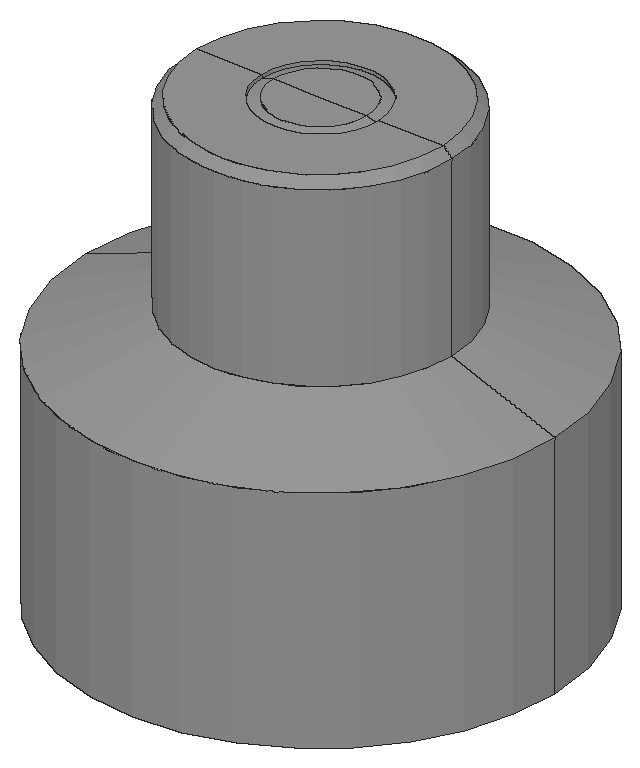
Revit family "4069216 Sylvania Lighting Fixture PATHE GROUND ROUND1 WIDE 69LM LED 4K", category Lighting Fixtures, host Face, Revit 2016
Family settings
  Host = Face
  Part Type = Normal
  Round Connector Dimension = Use Diameter
  OmniClass Number = 23.80.70.00
  OmniClass Title = Lighting
  Cut with Voids When Loaded = No
  Light Source = Yes
  Shared = No
  Room Calculation Point = No
Parameters (values of type "4069216 PATHE/G/R1 WIDE 69LM LED 4K")
  Weight = "0.23 kg"
  Wattage Comments = ""
  Wattage = 1.5 W
  WarrantyStartDate [instance] = "n/a"
  WarrantyGuarantorParts = "n/a"
  WarrantyDurationUnit = "n/a"
  WarrantyDurationParts = "n/a"
  WarrantyDescription = "n/a"
  built-in parameter 1150110 = 1 (stored number, unit not read)
  Voltage = 0 V
  URL = "http://www.sylvania-lighting.com"
  TypeName = "PATHE/GROUND/ROUND1 WIDE 69LM LED 4K"
  Type Image = <None>
  Type Comments = "n/a"
  built-in parameter 1114217 = 1 (stored number, unit not read)
  Tilt Angle = -90.00°
  built-in parameter 1150109 = 1 (stored number, unit not read)
  built-in parameter 1150134 = 12
  built-in parameter 1150113 = 1 (stored number, unit not read)
  SerialNumber [instance] = "n/a"
  Radius_SYL = 22.5 mm
  RadiusDiffuser_SYL = 10 mm
  Photometric Web File = "4069216.ies"
  Material_3_SYL = none
  PowerFactor = 0
  PowerConsumption = "1.5 W"
  NominalLength = 45 mm
  NominalHeight = 75 mm
  NominalDepth = 0 mm
  Name = "PATHE/GROUND/ROUND1 WIDE 69LM LED 4K"
  ModelReference = Name  # "PATHE/GROUND/ROUND1 WIDE 69LM LED 4K"
  ModelNumber = "4069216"
  Model = Name  # "PATHE/GROUND/ROUND1 WIDE 69LM LED 4K"
  Material = "corrosion resistant die-cast aluminium housing, anti uv polycarbonate diffuser"
  ManufacturerName = "Feilo Sylvania"
  Manufacturer = "Feilo Sylvania"
  LuminousEfficacy = "46 lm/W"
  built-in parameter 1150105 = 5.4908 (stored number, unit not read)
  Lumens = 69 lm
  LuminaireType = ""
  built-in parameter 1150115 = 1 (stored number, unit not read)
  LightOutputRatio = "100"
  built-in parameter 1150137 = (empty or 0)
  built-in parameter 1150139 = (empty or 0)
  LampsType = Lamp  # "LED"
  LampNominalLuminous = "69 lm"
  LampMacAdamStep = "n/a"
  LampColourTemperature = "4000 K"
  LampColourRenderingIndex = "80"
  built-in parameter 1150112 = 1 (stored number, unit not read)
  built-in parameter 1150114 = 1 (stored number, unit not read)
  Lamp = "LED"
  Keynote = "16500"
  InstallationDate [instance] = "n/a"
  InputVoltage = "n/a"
  InputNominalFrequency = "n/a"
  built-in parameter 1150132 = (empty or 0)
  built-in parameter 1150102 = (empty or 0)
  built-in parameter 1150107 = 4000 (stored number, unit not read)
  built-in parameter 1150138 = (empty or 0)
  IngressProtection = "IP68"
  ImpactProtectionIndex = "IK10"
  built-in parameter 1150106 = 0.054908 (stored number, unit not read)
  IfcExportType = "IfcLightFixtureType"
  IfcExportAs = "IfcLightFixtureType"
  HieghtTop_SYL = 2 mm
  ExpectedLife = 50000
  Emit from Circle Diameter = RadiusDiffuser_SYL * 2  # 20 mm
  Emit Shape Visible in Rendering = no
  ElectricShockClassification = "Class III"
  built-in parameter 1150104 = 4.2735 (stored number, unit not read)
  DurationUnit = "hours"
  DocumentationLiterature = "http://www.sylvania-lighting.com/product/en-int/products/4069216"
  DimmingControlOptions = "n/a"
  Material_2_SYL = Polycarbonate, Clear
  Dimming Lamp Color Temperature Shift = <None>
  Description = "Round recessed ground luminaireCorrosion resistant die-cast aluminium, 69lm, 1.5W, 46lm/W, 4000K, CRI80+, 100°, non dimmable, IP68, IK10, (ØxD) Ø45x75mm, 3 step MacAdam ellipse, Class III, 12-24V-DC, A++ A+ A"
  Default Elevation = 1219.2 mm
  CreatedOn = "9/21/2018"
  CreatedBy = "@sylvania-lighting.com"
  Cost = 0
  Color Filter = 16777215
  built-in parameter 1114216 [instance] = (empty or 0)
  ClassificationValue = "EF_70_80"
  ClassificationName = "Uniclass2015"
  Material_1_SYL = Aluminum 6061 T6 80 Hot Formed
  ChamferTop_SYL = 1.5 mm
  ChamferDiffuserTop_SYL = 2 mm
  ChamferDiffuserSide_SYL = 0.5 mm
  BarCode [instance] = "n/a"
  built-in parameter 1114218 = 1 (stored number, unit not read)
  built-in parameter 1150133 = 10 (stored number, unit not read)
  AssetType = "Fixed"
  AssetIdentifier [instance] = "n/a"
  Assembly Code = "D5020200"
  Apparent Load = 1.5 VA
  Material_4_SYL = none
Reference planes
  plane 1 "Center (Front/Back)": y = 0
  plane 2: z = 0
  plane 3 "Center (Left/Right)": x = 0
  plane 4: x = -40
  plane 5: x = -22.5
  plane 6: z = -75
  plane 7: x = -10
  plane 8: z = 2
  plane 9: x = -21
  plane 10: z = -36
  plane 11: z = -29.5
  plane 12: x = -8
  plane 13: z = 1.5
  plane 14: z = -6
  plane 15: z = 0.5
Forms (mm)
  Revolve 1, solid, material "Aluminum 6061 T6 80 Hot Formed" <- "Material_1_SYL"
    sketch origin (0, 0, 0) x (1, 0, 0) y (0, 0, 1)
      loop
        line (0, -75) -> (0, -6) -> (-21, -6) -> (-21, 0) -> (-10, 0) -> (-10, 2) -> (-21, 2) -> (-22.5, 0.5) -> (-22.5, -29.5) -> (-40, -36) -> (-40, -75) -> (0, -75)
      axis (0, 2) -> (0, -75)
    angle from 360 to 0
  Revolve 2, solid, material "Polycarbonate, Clear" <- "Material_2_SYL"
    sketch origin (0, 0, 0) x (1, 0, 0) y (0, 0, 1)
      loop
        line (-10, 1.5) -> (-10, 0) -> (0, 0) -> (0, 2) -> (-8, 2) -> (-10, 1.5)
      axis (0, 2) -> (0, 0)
    angle from 360 to 0
  Revolve 3, void
    sketch origin (0, 0, 0) x (1, 0, 0) y (0, 0, 1)
      loop
        line (0, 0) -> (-22.5, 0) -> (-22.5, -29.5) -> (-40, -36) -> (-40, -75) -> (0, -75) -> (0, 0)
      axis (0, 0) -> (0, -75)
    angle from 360 to 0
Cuts and joins
  Revolve 3 cuts Revolve 2
Dimensions and locks
  locked: plane 2 to plane 6 at 75
  locked: plane 3 "Center (Left/Right)" to plane 4 at 40
  "Radius_SYL": plane 3 "Center (Left/Right)" to plane 5
  "RadiusDiffuser_SYL": plane 3 "Center (Left/Right)" to plane 7
  "ChamferTop_SYL": plane 9 to plane 5
  "ChamferDiffuserSide_SYL": plane 8 to plane 13
  "ChamferDiffuserTop_SYL": plane 12 to plane 7
  locked: plane 2 to plane 14 at 6
  "ChamferTop_SYL": plane 8 to plane 15
  "HieghtTop_SYL": plane 8 to plane 2
  aligned and locked: plane 2 to host face
  aligned and locked: level to host face
  aligned and locked: Revolve 1 sketch curve to plane 3 "Center (Left/Right)"  (x2)
  aligned and locked: plane 3 "Center (Left/Right)" to Revolve 1 sketch curve
  aligned and locked: Revolve 1 sketch curve to plane 6
  aligned and locked: plane 4 to Revolve 1 sketch curve
  aligned and locked: plane 5 to Revolve 1 sketch curve
  aligned and locked: plane 8 to Revolve 1 sketch curve
  aligned and locked: level to Revolve 1 sketch curve
  aligned and locked: plane 9 to Revolve 1 sketch curve  (x2)
  aligned and locked: plane 7 to Revolve 1 sketch curve
  aligned and locked: plane 8 to Revolve 2 sketch curve
  aligned and locked: Revolve 2 sketch curve to plane 3 "Center (Left/Right)"  (x2)
  aligned and locked: Revolve 1 to Revolve 2 sketch curve
  aligned and locked: plane 14 to Revolve 1 sketch curve
  aligned and locked: plane 12 to Revolve 2 sketch curve
  aligned and locked: plane 7 to Revolve 2 sketch curve
  aligned and locked: plane 13 to Revolve 2 sketch curve
  aligned and locked: imposter light to plane 8
  aligned and locked: imposter light to plane 1 "Center (Front/Back)"
  aligned and locked: plane 3 "Center (Left/Right)" to imposter light
  aligned and locked: plane 15 to Revolve 1 sketch curve
  aligned and locked: Revolve 3 sketch curve to plane 3 "Center (Left/Right)"
  aligned and locked: plane 3 "Center (Left/Right)" to Revolve 3 sketch curve  (x2)
  aligned and locked: Revolve 3 sketch curve to Revolve 1  (x3)
  aligned and locked: Revolve 3 sketch curve to plane 5
  aligned and locked: Revolve 1 to Revolve 3 sketch curve
Automatic sketch dimensions
  host sketch curve to host sketch curve = 2438.4 mm  (x2)
  plane 6 to Revolve 2 sketch curve = 534.6 mm
  Revolve 2 sketch curve to Revolve 2 sketch curve = 2607.058 mm
  Revolve 1 sketch curve to plane 10 = 0 mm
  Revolve 1 sketch curve to plane 11 = 0 mm
  plane 6 to Revolve 1 sketch curve = 534.6 mm
  Revolve 1 sketch curve to plane 8 = 2607.058 mm
  Revolve 3 sketch curve to plane 11 = 0 mm
  plane 6 to Revolve 3 sketch curve = 534.6 mm
  Revolve 3 sketch curve to plane 8 = 2607.058 mm
Connectors
  electrical at (0, 0, 0), driven by "Apparent Load", driven by "PowerFactor", driven by "Voltage"
    settings: index 1, voltage 0 V, apparent load 1.5 VA, apparent load phase1 0 VA, apparent load phase2 0 VA, apparent load phase3 0 VA, power factor 0, load classification "Lighting", number of poles 1, system type 30, power factor state 1, is connector primary yes, connector utility no, sub classification motor no, connector description ""
